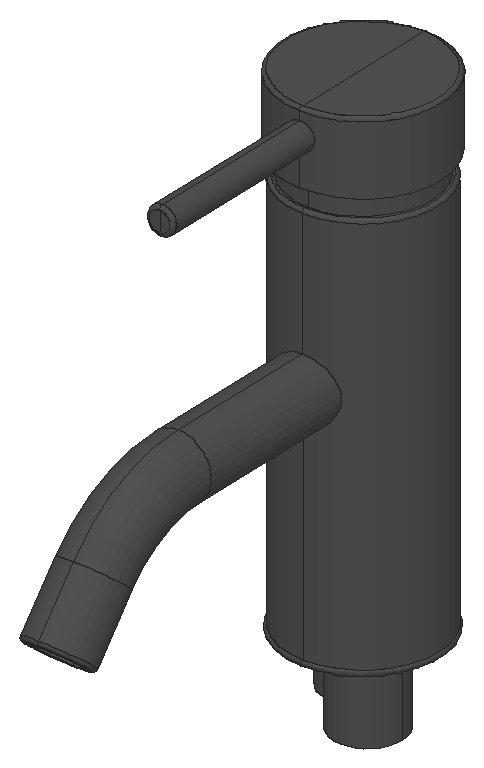
Revit family "Mixer-Basin-Caroma Liano Nexus", category Plumbing Fixtures, host Face, Revit 2013
Parameters (values of type "Standard")
  Waste Connection = no
  WELSRating_ANZRS = "WELS 6 Star rated, 4.5L/min"  # constant formula
  Vent Connection = no
  URL = "http://www.caroma.com.au/"
  Type Comments = "Caroma Liano Nexus Basin Mixer"  # constant formula
  ModifiedIssue_ANZRS = 2013.1  # constant formula
  Model = "96193B6A"  # constant formula
  Material_ANZRS = Metal-Steel-Powdercoated-Matte Black
  Manufacturer = "GWA Bathrooms & Kitchens"  # constant formula
  HWFU = 1.19  # constant formula
  HW Connection = yes
  Description = "WELS 6 Star rated, 4.5L/min"  # constant formula
  Default Elevation = 0 mm
  CreatedBy_ANZRS = "Design Content"  # constant formula
  CreatedByURL_ANZRS = "www.designcontent.com.au"
  Cost = 0
  Connector Radius = 10 mm  # constant formula
  CWFU = 1.19  # constant formula
  CW Connection = yes
  Assembly Code = "D2020300"
Reference planes
  plane 1 "Center (Front/Back)": y = 0
  plane 2: z = 0
  plane 3 "Center (Left/Right)": x = 0
Forms (mm)
  Extrusion 1, solid, material "Metal-Steel-Powdercoated-Matte Black" <- "Material_ANZRS"
    sketch origin (14.142, 0, 0) x (1, 0, 0) y (0, 1, 0)
      loop
        circle (-7.071, -7.071) r 10
    from -20 to 0
  Extrusion 2, solid, material "Metal-Steel-Powdercoated-Matte Black" <- "Material_ANZRS"
    sketch origin (-14.142, 0, 0) x (-1, 0, 0) y (0, -1, 0)
      loop
        circle (-7.071, -7.071) r 10
    from -20 to 0
  Revolve 3, solid, material "Metal-Steel-Powdercoated-Matte Black" <- "Material_ANZRS"
    sketch origin (0, 0, 0) x (0, 1, 0) y (0, 0, 1)
      loop
        line (0, 0) -> (22, 0)
        spline (22, 0) -> (22.131, 0.026) -> (22.253, 0.102) -> (22.358, 0.223) -> (22.438, 0.381) -> (22.489, 0.565) -> (22.506, 0.763) -> (22.489, 0.96) -> (22.438, 1.144) -> (22.358, 1.302) -> (22.253, 1.423) -> (22.131, 1.5) -> (22, 1.526)
        line (22, 1.526) -> (22, 117.5)
        arc (22, 117.5) -> (21.707, 118.207) -> (21, 118.5) r 1
        line (21, 118.5) -> (20.214, 118.5) -> (20.214, 125.913)
        arc (20.214, 125.913) -> (18.63, 129.305) -> (16.482, 132.371) r 21.499
        line (16.482, 132.371) -> (0, 132.371) -> (0, 0)
      axis (0, 0) -> (0, 132.371)
    angle from 0 to 360
  Revolve 4, solid, material "Metal-Steel-Powdercoated-Matte Black" <- "Material_ANZRS"
    sketch origin (0, 0, 0) x (0, 1, 0) y (0, 0, 1)
      loop
        line (-23, 124.6) -> (0, 124.6) -> (0, 145.6) -> (-22, 145.6)
        arc (-22, 145.6) -> (-22.707, 145.307) -> (-23, 144.6) r 1
        line (-23, 144.6) -> (-23, 124.6)
      axis (0, 124.6) -> (0, 145.6)
    angle from 0 to 360
  Revolve 5, solid, material "Metal-Steel-Powdercoated-Matte Black" <- "Material_ANZRS"
    sketch origin (0, 0, 0) x (0, 1, 0) y (0, 0, 1)
      loop
        line (-19.831, 142.135) -> (-72.697, 142.135)
        arc (-72.697, 142.135) -> (-73.404, 141.842) -> (-73.697, 141.135) r 1
        line (-73.697, 141.135) -> (-73.697, 138.135) -> (-19.831, 138.135) -> (-19.831, 142.135)
      axis (-19.831, 138.135) -> (-73.697, 138.135)
    angle from 0 to 360
  Extrusion 6, void
    sketch origin (0, 0, 0) x (0, 1, 0) y (0, 0, 1)
      loop
        line (-6.574, 124.024) -> (24.905, 124.024) -> (24.905, 126.778) -> (-6.574, 124.024)
    from -50 to 50
  Sweep 7, solid, material "Metal-Steel-Powdercoated-Matte Black" <- "Material_ANZRS"
    path origin (0, 0, 0) x (0, 1, 0) y (0, 0, 1)
      loop
        line (0, 71.536) -> (-67.003, 71.536)
        arc (-67.003, 71.536) -> (-83.908, 67.788) -> (-97.645, 57.247) r 40
        line (-97.645, 57.247) -> (-110.959, 41.38)
    profile origin (0, -33.502, 71.536) x (0, 0, -1) y (1, 0, 0)
      loop
        circle (0, 0) r 9.5
  Revolve 8, void
    sketch origin (0, 0, 0) x (0, 1, 0) y (0, 0, 1)
      loop
        line (-113.221, 38.684) -> (-110.331, 42.128) -> (-116.136, 46.999) -> (-116.764, 46.25) -> (-117.471, 46.844)
        arc (-117.471, 46.844) -> (-117.824, 47.522) -> (-117.594, 48.252) r 1
        line (-117.594, 48.252) -> (-118.538, 49.045) -> (-121.746, 45.837) -> (-113.221, 38.684)
      axis (-110.316, 42.146) -> (-113.221, 38.684)
    angle from 0 to 360
Cuts and joins
  Extrusion 6 cuts Revolve 4
  Revolve 8 cuts Sweep 7
  joined: Revolve 3, Revolve 4, Revolve 5, Sweep 7
Lines and regions (mm)
  Masking region 1
    outline origin (0, 0, 0) x (0, 1, 0) y (0, 0, 1)
      loop
        line (0, 0) -> (22, 0)
        spline (22, 0) -> (22.131, 0.026) -> (22.253, 0.102) -> (22.358, 0.223) -> (22.438, 0.381) -> (22.489, 0.565) -> (22.506, 0.763) -> (22.489, 0.96) -> (22.438, 1.144) -> (22.358, 1.302) -> (22.253, 1.423) -> (22.131, 1.5) -> (22, 1.526)
        line (22, 1.526) -> (22, 117.5)
        arc (22, 117.5) -> (21.707, 118.207) -> (21, 118.5) r 1
        line (21, 118.5) -> (20.214, 118.5) -> (20.214, 126.368) -> (23, 126.612) -> (23, 144.6)
        arc (23, 144.6) -> (22.707, 145.307) -> (22, 145.6) r 1
        line (22, 145.6) -> (0, 145.6) -> (-22, 145.6)
        arc (-22, 145.6) -> (-22.707, 145.307) -> (-23, 144.6) r 1
        line (-23, 144.6) -> (-23, 142.135) -> (-72.697, 142.135)
        arc (-72.697, 142.135) -> (-73.404, 141.842) -> (-73.697, 141.135) r 1
        line (-73.697, 141.135) -> (-73.697, 138.135) -> (-73.697, 135.135)
        arc (-73.697, 135.135) -> (-73.404, 134.428) -> (-72.697, 134.135) r 1
        line (-72.697, 134.135) -> (-23, 134.135) -> (-23, 124.6) -> (-20.214, 124.6) -> (-20.214, 118.5) -> (-21, 118.5)
        arc (-21, 118.5) -> (-21.707, 118.207) -> (-22, 117.5) r 1
        line (-22, 117.5) -> (-22, 81.036) -> (-67.003, 81.036)
        arc (-67.003, 81.036) -> (-87.923, 76.398) -> (-104.923, 63.354) r 49.5
        line (-104.923, 63.354) -> (-117.594, 48.252)
        arc (-117.594, 48.252) -> (-117.824, 47.522) -> (-117.471, 46.844) r 1
        line (-117.471, 46.844) -> (-104.448, 35.916)
        arc (-104.448, 35.916) -> (-103.718, 35.686) -> (-103.039, 36.039) r 1
        line (-103.039, 36.039) -> (-90.368, 51.141)
        arc (-90.368, 51.141) -> (-79.893, 59.178) -> (-67.003, 62.036) r 30.5
        line (-67.003, 62.036) -> (-22, 62.036) -> (-22, 1.526)
        spline (-22, 1.526) -> (-22.131, 1.5) -> (-22.253, 1.423) -> (-22.358, 1.302) -> (-22.438, 1.144) -> (-22.489, 0.96) -> (-22.506, 0.763) -> (-22.489, 0.565) -> (-22.438, 0.381) -> (-22.358, 0.223) -> (-22.253, 0.102) -> (-22.131, 0.026) -> (-22, 0)
        line (-22, 0) -> (0, 0)
  Masking region 2
    outline origin (0, 0, 0) x (1, 0, 0) y (0, 0, 1)
      loop
        line (0, 0.012) -> (22, 0.012)
        spline (22, 0.012) -> (22.131, 0.038) -> (22.253, 0.114) -> (22.358, 0.235) -> (22.438, 0.393) -> (22.489, 0.577) -> (22.506, 0.774) -> (22.489, 0.972) -> (22.438, 1.156) -> (22.358, 1.314) -> (22.253, 1.435) -> (22.131, 1.511) -> (22, 1.537)
        line (22, 1.537) -> (22, 117.512)
        arc (22, 117.512) -> (21.707, 118.219) -> (21, 118.512) r 1
        line (21, 118.512) -> (20.214, 118.512) -> (20.214, 124.611) -> (23, 124.611) -> (23, 144.611)
        arc (23, 144.611) -> (22.707, 145.318) -> (22, 145.611) r 1
        line (22, 145.611) -> (0, 145.611) -> (-22, 145.611)
        arc (-22, 145.611) -> (-22.707, 145.318) -> (-23, 144.611) r 1
        line (-23, 144.611) -> (-23, 124.611) -> (-20.214, 124.611) -> (-20.214, 118.512) -> (-21, 118.512)
        arc (-21, 118.512) -> (-21.707, 118.219) -> (-22, 117.512) r 1
        line (-22, 117.512) -> (-22, 1.537)
        spline (-22, 1.537) -> (-22.131, 1.511) -> (-22.253, 1.435) -> (-22.358, 1.314) -> (-22.438, 1.156) -> (-22.489, 0.972) -> (-22.506, 0.774) -> (-22.489, 0.577) -> (-22.438, 0.393) -> (-22.358, 0.235) -> (-22.253, 0.114) -> (-22.131, 0.038) -> (-22, 0.012)
        line (-22, 0.012) -> (0, 0.012)
  Masking region 3
    outline origin (0, 0, 0) x (1, 0, 0) y (0, 1, 0)
      loop
        arc (9.5, -20.946) -> (0, 23) -> (-9.5, -20.946) r 23
        line (-9.5, -20.946) -> (-9.5, -110.368)
        spline (-9.5, -110.368) -> (-9.176, -112.302) -> (-8.227, -114.105) -> (-6.718, -115.653) -> (-4.75, -116.841) -> (-2.459, -117.588) -> (0, -117.842) -> (2.459, -117.588) -> (4.75, -116.841) -> (6.718, -115.653) -> (8.227, -114.105) -> (9.176, -112.302) -> (9.5, -110.368)
        line (9.5, -110.368) -> (9.5, -20.946)
  symbolic lines
    curve 1: line (0, -23, 124.6) -> (0, 0, 124.6)
    curve 2: line (0, 23, 126.612) -> (0, 0, 124.6)
    curve 3: line (0, -22, 81.036) -> (0, -22, 62.036)
    curve 4: arc (0, -23, 142.135) -> (0, -22.616, 138.135) -> (0, -23, 134.135) r 21.04
    curve 5: line (0, 22.011, 1.552) -> (0, -22.011, 1.552)
    curve 6: line (0, 20.214, 118.5) -> (0, -20.214, 118.5)
    curve 7: arc (-9.5, 0, 71.536) -> (0, 0, 81.036) -> (9.5, 0, 71.536) r 9.5
    curve 8: spline (0, 0, 36.509) -> (-1.961, 0, 36.675) -> (-3.789, 0, 37.162) -> (-5.358, 0, 37.936) -> (-6.562, 0, 38.945) -> (-7.319, 0, 40.119) -> (-7.577, 0, 41.38) -> (-7.319, 0, 42.64) -> (-6.562, 0, 43.815) -> (-5.358, 0, 44.824) -> (-3.789, 0, 45.598) -> (-1.961, 0, 46.084) -> (0, 0, 46.25)
    curve 9: spline (0, 0, 46.25) -> (1.961, 0, 46.084) -> (3.789, 0, 45.598) -> (5.358, 0, 44.824) -> (6.562, 0, 43.815) -> (7.319, 0, 42.64) -> (7.577, 0, 41.38) -> (7.319, 0, 40.119) -> (6.562, 0, 38.945) -> (5.358, 0, 37.936) -> (3.789, 0, 37.162) -> (1.961, 0, 36.675) -> (0, 0, 36.509)
    curve 10: spline (-7.555, 0, 41.754) -> (-7.178, 0, 40.569) -> (-6.359, 0, 39.48) -> (-5.148, 0, 38.554) -> (-3.619, 0, 37.849) -> (-1.867, 0, 37.408) -> (0, 0, 37.258) -> (1.867, 0, 37.408) -> (3.619, 0, 37.849) -> (5.148, 0, 38.554) -> (6.359, 0, 39.48) -> (7.178, 0, 40.569) -> (7.555, 0, 41.754)
    curve 11: line (-9.5, 0, 71.536) -> (-9.5, 0, 42.209)
    curve 12: line (9.5, 0, 71.536) -> (9.5, 0, 42.209)
    curve 13: spline (-9.5, 0, 42.209) -> (-9.176, 0, 40.511) -> (-8.227, 0, 38.928) -> (-6.718, 0, 37.569) -> (-4.75, 0, 36.526) -> (-2.459, 0, 35.871) -> (0, 0, 35.647) -> (2.459, 0, 35.871) -> (4.75, 0, 36.526) -> (6.718, 0, 37.569) -> (8.227, 0, 38.928) -> (9.176, 0, 40.511) -> (9.5, 0, 42.209)
    curve 14: arc (0, 0, 142.135) -> (-4, 0, 138.135) -> (0, 0, 134.135) r 4
    curve 15: arc (0, 0, 134.135) -> (4, 0, 138.135) -> (0, 0, 142.135) r 4
    curve 16: line (-20.213, 0, 124.6) -> (20.214, 0, 124.6)
    curve 17: line (20.214, 0, 118.5) -> (-20.214, 0, 118.5)
    curve 18: circle (0, 0, 0) r 23 normal (0, 0, 1)
    curve 19: line (0, -73.697, 0) -> (3, -73.697, 0)
    curve 20: arc (3, -73.697, 0) -> (3.707, -73.404, 0) -> (4, -72.697, 0) r 1
    curve 21: line (4, -72.697, 0) -> (4, -22.65, 0)
    curve 22: line (-4, -22.65, 0) -> (-4, -72.697, 0)
    curve 23: arc (-4, -72.697, 0) -> (-3.707, -73.404, 0) -> (-3, -73.697, 0) r 1
    curve 24: line (-3, -73.697, 0) -> (0, -73.697, 0)
Dimensions and locks
  aligned and locked: plane 2 to host face
  aligned and locked: level to host face
Connectors
  piping at (7.071, -7.071, -20), driven by "Connector Radius", driven by "CWFU"
    settings: on Extrusion 1, index 5, connector radius 0.3937", flow factor 0, pipe flow 0 GPM, pressure drop 0.00 psi, fitting loss kfactor 0, connector angle 0.00°, fixture units 1.19, engagement length 0 mm, flow configuration 3, flow direction 1, fitting loss method 1, system type 20, joint type 0, gender type 0, connector reference index -1, connector utility 0, adjustable connector no, is connector primary yes, fitting loss table "Inward Projecting Pipe", connector description ""
  piping at (-7.071, 7.071, -20), driven by "Connector Radius", driven by "HWFU"
    settings: on Extrusion 2, index 6, connector radius 0.3937", flow factor 0, pipe flow 0 GPM, pressure drop 0.00 psi, fitting loss kfactor 0, connector angle 0.00°, fixture units 1.19, engagement length 0 mm, flow configuration 3, flow direction 1, fitting loss method 1, system type 19, joint type 0, gender type 0, connector reference index -1, connector utility 0, adjustable connector no, is connector primary no, fitting loss table "Inward Projecting Pipe", connector description ""
